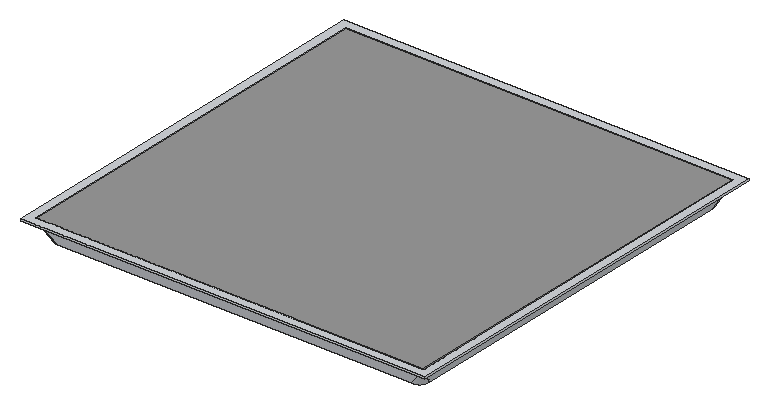
Revit family "44625", category Lighting Fixtures, host Face, Revit 2018
Family settings
  Host = Face
  Round Connector Dimension = Use Diameter
  Part Type = Normal
  OmniClass Number = 23.80.70.00
  OmniClass Title = Lighting
  Cut with Voids When Loaded = No
  Light Source = Yes
  Shared = No
  Room Calculation Point = No
Parameters (values of type "0044625 START PANEL ECO 600X600 3200 865")
  box length = 1160 mm
  Weight = "n/a"
  Wattage Comments = ""
  Wattage = 9.2903 W
  WarrantyStartDate [instance] = "n/a"
  WarrantyGuarantorParts = "n/a"
  WarrantyDurationUnit = "n/a"
  WarrantyDurationParts = ""
  WarrantyDescription = "http://www.sylvania-lighting.com"
  built-in parameter 1150110 = 1 (stored number, unit not read)
  Voltage = 0 V
  URL = "0.9"
  TypeName = "START Panel Eco 600x600 3200lm 865"
  Type Image = <None>
  Type Comments = "n/a"
  built-in parameter 1114217 = 1 (stored number, unit not read)
  Tilt Angle = -90.00°
  built-in parameter 1150109 = 1 (stored number, unit not read)
  built-in parameter 1150134 = 3
  built-in parameter 1150113 = 1 (stored number, unit not read)
  SerialNumber [instance] = "n/a"
  Photometric Web File = "0044625.IES"
  Material_3_SYL = none
  PowerFactor = 0
  PowerConsumption = "Lighting"
  NominalLength = 595 mm
  NominalHeight = 31 mm
  NominalDepth = 595 mm
  Name = "START Panel Eco 600x600 3200lm 865"
  ModelReference = Name  # "START Panel Eco 600x600 3200lm 865"
  ModelNumber = "0044625"
  Model = Name  # "START Panel Eco 600x600 3200lm 865"
  Material = "Feilo Sylvania"
  ManufacturerName = "110 lm/W"
  Manufacturer = ""
  LuminousEfficacy = ""
  built-in parameter 1150105 = 109.82 (stored number, unit not read)
  Lumens = 1380 lm
  LuminaireType = "0"
  built-in parameter 1150115 = 1 (stored number, unit not read)
  LightOutputRatio = "LED"
  built-in parameter 1150137 = (empty or 0)
  built-in parameter 1150139 = (empty or 0)
  LampsType = Lamp  # "n/a"
  LampNominalLuminous = "6500 K"
  LampMacAdamStep = "80"
  LampColourTemperature = "LED"
  LampColourRenderingIndex = "16500"
  built-in parameter 1150112 = 1 (stored number, unit not read)
  built-in parameter 1150114 = 1 (stored number, unit not read)
  Lamp = "n/a"
  Keynote = "n/a"
  InstallationDate [instance] = "n/a"
  InputVoltage = "0"
  InputNominalFrequency = "6500"
  built-in parameter 1150132 = (empty or 0)
  built-in parameter 1150102 = (empty or 0)
  built-in parameter 1150107 = 3200 (stored number, unit not read)
  built-in parameter 1150138 = (empty or 0)
  IngressProtection = "IfcLightFixtureType"
  ImpactProtectionIndex = "IfcLightFixtureType"
  built-in parameter 1150106 = 1.0982 (stored number, unit not read)
  IfcExportType = "IfcLightFixtureType"
  IfcExportAs = "Class II"
  Emit from Circle Diameter = 609.6 mm
  Emit Shape Visible in Rendering = no
  ElectricShockClassification = "110"
  built-in parameter 1150104 = 13.8 (stored number, unit not read)
  DocumentationLiterature = "http://www.sylvania-lighting.com/product/en-int/products/0044625"
  DimmingControlOptions = "n/a"
  Material_2_SYL = none
  Dimming Lamp Color Temperature Shift = <None>
  Description = "LED Panel with backlit technology, ideal for general indoor lighting applications such as breakout areas, offices and meeting rooms. Low glaring UGR<22. RG0, 110 degree beam angle , optical system: PS diffuser with Opal finish. Tp(b) rated diffuser that may not burn at a speed of more than 50mm per minute. Light color temperature: 6500K Cool White, total system power: 29W , total fixture output: 3200lm, efficacy: 110lm/W, Ra80 typical, LED chromacity: 5 step MacAdam ellipse (SDCM5), lifespan: 100,000 hours at 70% of the original output (L70B50), IR/UV free light source without heat radiation, operating voltage: 220-240V / 50-60Hz, low flicker, non dimmable driver, electrical protection: Class II. Degree of Protection: IP40/IP20, suitable for indoor environment only. Nominal size: 595x595x31mm, Loop in / loop out wiring, saftey cables & quick connector included, 31mm nominal height, White color frame, weight: 1,52kg."
  Default Elevation = 1219.2 mm
  CreatedOn = "15/11/2023"
  CreatedBy = "@sylvania-lighting.com"
  Cost = 0
  Color Filter = 16777215
  built-in parameter 1114216 [instance] = (empty or 0)
  ClassificationValue = "EF_70_80"
  ClassificationName = "Uniclass2015"
  Material_1_SYL = none
  BarCode [instance] = "n/a"
  built-in parameter 1114218 = 1 (stored number, unit not read)
  built-in parameter 1150133 = 10 (stored number, unit not read)
  AssetType = "Fixed"
  AssetIdentifier [instance] = "n/a"
  Assembly Code = "D5020200"
  Apparent Load = 29 VA
  Material_4_SYL = none
Reference planes
  plane 1 "Center (Front/Back)": y = 0
  plane 2: z = 0
  plane 3 "Center (Left/Right)": x = 0
  plane 4: x = -297.5
  plane 5: x = 297.5
  plane 6: y = 297.5
  plane 7: y = -297.5
  plane 8: z = 31
  plane 9: z = 1
  plane 10: x = -284.5
  plane 11: y = 284.5
  plane 12: y = -284.5
  plane 13: x = 284.5
  plane 14: y = -275
  plane 15: y = 275
  plane 16: x = -275
  plane 17: x = 275
  plane 18: y = 260
  plane 19: x = -260
  plane 20: x = 260
  plane 21: y = -260
  plane 22: z = -28.5
  plane 23: z = 2.5
Forms (mm)
  Extrusion 1, solid, detail levels medium+fine
    sketch origin (0, 0, 0) x (1, 0, 0) y (0, 1, 0)
      loop
        line (-297.5, 297.5) -> (-297.5, -297.5) -> (297.5, -297.5) -> (297.5, 297.5) -> (-297.5, 297.5)
    from 0 to 2.5
  Extrusion 2, void
    sketch origin (0, 0, 0) x (1, 0, 0) y (0, 1, 0)
      loop
        line (-284.5, 284.5) -> (-284.5, -284.5) -> (284.5, -284.5) -> (284.5, 284.5) -> (-284.5, 284.5)
    from 2.5 to 1
  Extrusion 3, solid, material "Glass, White, High Luminance", detail levels fine
    sketch origin (0, 0, 0) x (1, 0, 0) y (0, 1, 0)
      loop
        line (-284.5, 284.5) -> (-284.5, -284.5) -> (284.5, -284.5) -> (284.5, 284.5) -> (-284.5, 284.5)
    from 2.5 to 1
  Blend 4, solid, detail levels medium+fine
    base sketch origin (0, 0, 0) x (1, 0, 0) y (0, 1, 0)
      loop
        line (-284.5, 284.5) -> (-284.5, -284.5) -> (284.5, -284.5) -> (284.5, 284.5) -> (-284.5, 284.5)
    top sketch origin (0, 0, 0) x (1, 0, 0) y (0, 1, 0)
      loop
        line (-275, 260) -> (-275, -260)
        arc (-275, -260) -> (-270.607, -270.607) -> (-260, -275) r 15
        line (-260, -275) -> (260, -275)
        arc (260, -275) -> (270.607, -270.607) -> (275, -260) r 15
        line (275, -260) -> (275, 260)
        arc (275, 260) -> (270.607, 270.607) -> (260, 275) r 15
        line (260, 275) -> (-260, 275)
        arc (-260, 275) -> (-270.607, 270.607) -> (-275, 260) r 15
    from 0 to -28.5
  Extrusion 5, solid, detail levels coarse
    sketch origin (0, 0, 0) x (1, 0, 0) y (0, 1, 0)
      loop
        line (-297.5, 297.5) -> (-297.5, -297.5) -> (297.5, -297.5) -> (297.5, 297.5) -> (-297.5, 297.5)
    from -28.5 to 2.5
Cuts and joins
  Extrusion 2 cuts Extrusion 1
Dimensions and locks
  "NominalLength": plane 4 to plane 5
  equal spacing: plane 4, plane 3 "Center (Left/Right)", plane 5
  "NominalDepth": plane 6 to plane 7
  equal spacing: plane 6, plane 1 "Center (Front/Back)", plane 7
  "NominalHeight": plane 8 to level
  plane 7 to plane 12 to plane 1 "Center (Front/Back)" = 13 mm, 284.5 mm
  "NominalHeight": plane 22 to plane 23
  aligned and locked: plane 2 to host face
  aligned and locked: level to host face
Automatic sketch dimensions
  host sketch curve to host sketch curve = 2438.4 mm  (x2)
  Extrusion 1 sketch curve to plane 4 = 0 mm
  Extrusion 1 sketch curve to plane 5 = 0 mm
  Extrusion 1 sketch curve to plane 7 = 0 mm
  Extrusion 1 sketch curve to plane 6 = 0 mm
  Extrusion 2 sketch curve to plane 10 = 0 mm
  Extrusion 2 sketch curve to plane 12 = 0 mm
  Extrusion 2 sketch curve to plane 13 = 0 mm
  Extrusion 2 sketch curve to plane 11 = 0 mm
  Extrusion 3 sketch curve to plane 10 = 0 mm
  Extrusion 3 sketch curve to plane 12 = 0 mm
  Extrusion 3 sketch curve to plane 13 = 0 mm
  Extrusion 3 sketch curve to plane 11 = 0 mm
  Blend 4 sketch curve to plane 10 = 0 mm
  Blend 4 sketch curve to plane 12 = 0 mm
  Blend 4 sketch curve to plane 13 = 0 mm
  Blend 4 sketch curve to plane 11 = 0 mm
  Blend 4 sketch curve to plane 15 = 0 mm
  Blend 4 sketch curve to plane 19 = 0 mm
  Blend 4 sketch curve to plane 14 = 0 mm
  Blend 4 sketch curve to plane 20 = 0 mm  (x2)
  Blend 4 sketch curve to plane 18 = 0 mm  (x2)
  Blend 4 sketch curve to plane 21 = 0 mm
  Extrusion 5 sketch curve to plane 4 = 0 mm
  Extrusion 5 sketch curve to plane 5 = 0 mm
  Extrusion 5 sketch curve to plane 7 = 0 mm
  Extrusion 5 sketch curve to plane 6 = 0 mm
Connectors
  electrical at (0, 0, 0)
    settings: on cut or joined group of Extrusion 1, Extrusion 2, index 1, voltage 0 V, apparent load 0 VA, apparent load phase1 0 VA, apparent load phase2 0 VA, apparent load phase3 0 VA, power factor 1, load classification "Other", number of poles 1, system type 31, power factor state 1, is connector primary yes, connector utility no, sub classification motor no, connector description ""
